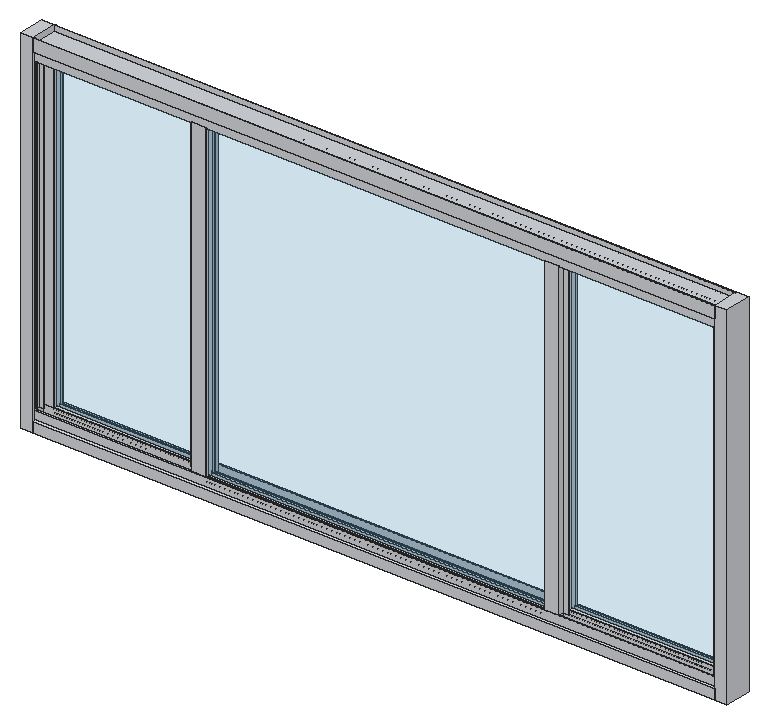
Revit family "MT-VMS_DB-SG_XOX", category Windows, host Wall, Revit 2017 (continued)
Definition of nested family "VMS_DB-SG_XOX_76mm"
  Definition of nested family "VMS_DB-SG_GLAZED PANEL"
    Definition of nested family "VMS_V3_SGL_FINE"
      Lines and regions (mm)
        model lines, in view "Ref. Level"
          curve 1: arc (27.114, -24.15, 0) -> (27.68, -23.916, 0) -> (27.914, -23.35, 0) r 0.8
          curve 2: arc (27.914, -20.411, 0) -> (27.839, -20.177, 0) -> (27.641, -20.031, 0) r 0.4
          curve 3: arc (26.677, -19.71, 0) -> (26.497, -19.738, 0) -> (26.414, -19.9, 0) r 0.2
          curve 4: arc (25.177, -19.71, 0) -> (24.997, -19.738, 0) -> (24.914, -19.9, 0) r 0.2
          curve 5: arc (23.677, -19.71, 0) -> (23.497, -19.738, 0) -> (23.414, -19.9, 0) r 0.2
          curve 6: arc (22.177, -19.71, 0) -> (21.997, -19.738, 0) -> (21.914, -19.9, 0) r 0.2
          curve 7: arc (21.914, -20.538, 0) -> (21.971, -20.713, 0) -> (22.119, -20.822, 0) r 0.3
          curve 8: arc (23.009, -21.119, 0) -> (23.157, -21.228, 0) -> (23.214, -21.404, 0) r 0.3
          curve 9: arc (23.214, -22.15, 0) -> (23.126, -22.362, 0) -> (22.914, -22.45, 0) r 0.3
          curve 10: arc (14.214, -22.45, 0) -> (14.002, -22.362, 0) -> (13.914, -22.15, 0) r 0.3
          curve 11: arc (13.914, -14.116, 0) -> (13.884, -13.963, 0) -> (13.797, -13.833, 0) r 0.4
          curve 12: arc (13.797, -13.067, 0) -> (13.884, -12.937, 0) -> (13.914, -12.784, 0) r 0.4
          curve 13: arc (13.914, -2.069, 0) -> (14.079, -1.801, 0) -> (14.392, -1.827, 0) r 0.3
          curve 14: arc (14.392, -1.827, 0) -> (20.069, -3.194, 0) -> (25.644, -1.459, 0) r 10.984
          curve 15: arc (25.644, -1.459, 0) -> (26.154, -1.441, 0) -> (26.414, -1.879, 0) r 0.5
          curve 16: arc (26.414, -5.1, 0) -> (26.326, -5.312, 0) -> (26.114, -5.4, 0) r 0.3
          curve 17: arc (22.119, -6.078, 0) -> (21.971, -6.187, 0) -> (21.914, -6.362, 0) r 0.3
          curve 18: arc (21.914, -7, 0) -> (21.997, -7.162, 0) -> (22.177, -7.19, 0) r 0.2
          curve 19: arc (23.414, -7, 0) -> (23.497, -7.162, 0) -> (23.677, -7.19, 0) r 0.2
          curve 20: arc (24.914, -7, 0) -> (24.997, -7.162, 0) -> (25.177, -7.19, 0) r 0.2
          curve 21: arc (26.414, -7, 0) -> (26.497, -7.162, 0) -> (26.677, -7.19, 0) r 0.2
          curve 22: arc (27.641, -6.869, 0) -> (27.839, -6.723, 0) -> (27.914, -6.489, 0) r 0.4
          curve 23: arc (27.914, -0.8, 0) -> (27.68, -0.234, 0) -> (27.114, 0, 0) r 0.8
          curve 24: arc (25.737, 0, 0) -> (25.642, -0.015, 0) -> (25.558, -0.06, 0) r 0.3
          curve 25: arc (25.558, -0.06, 0) -> (19.709, -2, 0) -> (13.86, -0.06, 0) r 9.784
          curve 26: arc (13.86, -0.06, 0) -> (13.776, -0.015, 0) -> (13.681, 0, 0) r 0.3
          curve 27: arc (0.5, 0, 0) -> (0.146, -0.146, 0) -> (0, -0.5, 0) r 0.5
          curve 28: arc (0, -3, 0) -> (0.088, -3.212, 0) -> (0.3, -3.3, 0) r 0.3
          curve 29: arc (0.9, -3.3, 0) -> (1.112, -3.212, 0) -> (1.2, -3, 0) r 0.3
          curve 30: arc (1.2, -1.5, 0) -> (1.288, -1.288, 0) -> (1.5, -1.2, 0) r 0.3
          curve 31: arc (4.7, -1.2, 0) -> (4.912, -1.288, 0) -> (5, -1.5, 0) r 0.3
          curve 32: arc (5, -10.176, 0) -> (4.912, -10.388, 0) -> (4.7, -10.476, 0) r 0.3
          curve 33: arc (3.6, -10.476, 0) -> (3.388, -10.388, 0) -> (3.3, -10.176, 0) r 0.3
          curve 34: arc (3.3, -9.692, 0) -> (3.212, -9.48, 0) -> (3, -9.392, 0) r 0.3
          curve 35: arc (1.5, -9.392, 0) -> (1.288, -9.304, 0) -> (1.2, -9.092, 0) r 0.3
          curve 36: arc (1.2, -7.692, 0) -> (1.112, -7.48, 0) -> (0.9, -7.392, 0) r 0.3
          curve 37: arc (0.3, -7.392, 0) -> (0.088, -7.48, 0) -> (0, -7.692, 0) r 0.3
          curve 38: arc (0, -11.552, 0) -> (0.4, -11.952, 0) -> (0.8, -11.552, 0) r 0.4
          curve 39: arc (2.1, -11.652, 0) -> (2.188, -11.864, 0) -> (2.4, -11.952, 0) r 0.3
          curve 40: arc (2.4, -14.952, 0) -> (2.188, -15.04, 0) -> (2.1, -15.252, 0) r 0.3
          curve 41: arc (0.8, -15.352, 0) -> (0.4, -14.952, 0) -> (0, -15.352, 0) r 0.4
          curve 42: arc (0, -19.208, 0) -> (0.088, -19.42, 0) -> (0.3, -19.508, 0) r 0.3
          curve 43: arc (0.9, -19.508, 0) -> (1.112, -19.42, 0) -> (1.2, -19.208, 0) r 0.3
          curve 44: arc (1.2, -17.808, 0) -> (1.288, -17.596, 0) -> (1.5, -17.508, 0) r 0.3
          curve 45: arc (3, -17.508, 0) -> (3.212, -17.42, 0) -> (3.3, -17.208, 0) r 0.3
          curve 46: arc (3.3, -16.724, 0) -> (3.388, -16.512, 0) -> (3.6, -16.424, 0) r 0.3
          curve 47: arc (4.7, -16.424, 0) -> (4.912, -16.512, 0) -> (5, -16.724, 0) r 0.3
          curve 48: arc (5, -23.3, 0) -> (4.912, -23.512, 0) -> (4.7, -23.6, 0) r 0.3
          curve 49: arc (0.3, -23.6, 0) -> (0.088, -23.688, 0) -> (0, -23.9, 0) r 0.3
          curve 50: arc (0, -26.4, 0) -> (0.146, -26.754, 0) -> (0.5, -26.9, 0) r 0.5
          curve 51: arc (2.102, -26.9, 0) -> (2.385, -26.783, 0) -> (2.502, -26.5, 0) r 0.4
          curve 52: arc (2.502, -26.5, 0) -> (2.385, -26.217, 0) -> (2.102, -26.1, 0) r 0.4
          curve 53: arc (5.902, -26.1, 0) -> (5.619, -26.217, 0) -> (5.502, -26.5, 0) r 0.4
          curve 54: arc (5.502, -26.5, 0) -> (5.619, -26.783, 0) -> (5.902, -26.9, 0) r 0.4
          curve 55: arc (21, -26.9, 0) -> (21.4, -26.52, 0) -> (21.039, -26.102, 0) r 0.4
          curve 56: arc (14.365, -25.441, 0) -> (14.043, -25.279, 0) -> (13.914, -24.944, 0) r 0.5
          curve 57: arc (13.914, -24.65, 0) -> (14.207, -23.943, 0) -> (14.914, -23.65, 0) r 1
          curve 58: arc (8.4, -25.7, 0) -> (8.259, -25.641, 0) -> (8.2, -25.5, 0) r 0.2
          curve 59: arc (8.2, -23.8, 0) -> (8.141, -23.659, 0) -> (8, -23.6, 0) r 0.2
          curve 60: arc (6.5, -23.6, 0) -> (6.288, -23.512, 0) -> (6.2, -23.3, 0) r 0.3
          curve 61: arc (6.2, -16.639, 0) -> (6.261, -16.458, 0) -> (6.419, -16.35, 0) r 0.3
          curve 62: arc (6.419, -16.35, 0) -> (6.899, -16.169, 0) -> (7.342, -15.909, 0) r 3.014
          curve 63: arc (7.342, -15.909, 0) -> (7.404, -15.838, 0) -> (7.426, -15.746, 0) r 0.2
          curve 64: arc (7.426, -14.908, 0) -> (7.145, -14.479, 0) -> (6.64, -14.566, 0) r 0.468
          curve 65: arc (6.64, -14.566, 0) -> (6.369, -14.767, 0) -> (6.06, -14.904, 0) r 1.525
          curve 66: arc (5.14, -14.904, 0) -> (4.813, -14.756, 0) -> (4.529, -14.535, 0) r 1.525
          curve 67: arc (4.124, -13.835, 0) -> (4.075, -13.45, 0) -> (4.124, -13.065, 0) r 1.525
          curve 68: arc (4.529, -12.365, 0) -> (4.813, -12.144, 0) -> (5.14, -11.996, 0) r 1.525
          curve 69: arc (6.06, -11.996, 0) -> (6.369, -12.133, 0) -> (6.64, -12.334, 0) r 1.525
          curve 70: arc (6.64, -12.334, 0) -> (7.145, -12.421, 0) -> (7.426, -11.992, 0) r 0.468
          curve 71: arc (7.426, -11.154, 0) -> (7.404, -11.062, 0) -> (7.342, -10.991, 0) r 0.2
          curve 72: arc (7.342, -10.991, 0) -> (6.899, -10.731, 0) -> (6.419, -10.55, 0) r 3.014
          curve 73: arc (6.419, -10.55, 0) -> (6.261, -10.442, 0) -> (6.2, -10.261, 0) r 0.3
          curve 74: arc (6.2, -1.5, 0) -> (6.288, -1.288, 0) -> (6.5, -1.2, 0) r 0.3
          curve 75: arc (12.312, -1.2, 0) -> (12.453, -1.259, 0) -> (12.512, -1.4, 0) r 0.2
          curve 76: arc (12.512, -25.5, 0) -> (12.453, -25.641, 0) -> (12.312, -25.7, 0) r 0.2
          curve 77: line (14.914, -23.65, 0) -> (23.214, -23.65, 0)
          curve 78: line (23.214, -23.65, 0) -> (25.029, -24.136, 0)
          curve 79: line (25.029, -24.136, 0) -> (27.114, -24.15, 0)
          curve 80: line (27.914, -23.35, 0) -> (27.914, -20.411, 0)
          curve 81: line (27.641, -20.031, 0) -> (26.677, -19.71, 0)
          curve 82: line (26.414, -19.9, 0) -> (26.414, -20.123, 0)
          curve 83: line (26.414, -20.123, 0) -> (25.177, -19.71, 0)
          curve 84: line (24.914, -19.9, 0) -> (24.914, -20.123, 0)
          curve 85: line (24.914, -20.123, 0) -> (23.677, -19.71, 0)
          curve 86: line (23.414, -19.9, 0) -> (23.414, -20.123, 0)
          curve 87: line (23.414, -20.123, 0) -> (22.177, -19.71, 0)
          curve 88: line (21.914, -19.9, 0) -> (21.914, -20.538, 0)
          curve 89: line (22.119, -20.822, 0) -> (23.009, -21.119, 0)
          curve 90: line (23.214, -21.404, 0) -> (23.214, -22.15, 0)
          curve 91: line (22.914, -22.45, 0) -> (14.214, -22.45, 0)
          curve 92: line (13.914, -22.15, 0) -> (13.914, -14.116, 0)
          curve 93: line (13.797, -13.833, 0) -> (13.414, -13.45, 0)
          curve 94: line (13.414, -13.45, 0) -> (13.797, -13.067, 0)
          curve 95: line (13.914, -12.784, 0) -> (13.914, -2.069, 0)
          curve 96: line (26.414, -1.879, 0) -> (26.414, -5.1, 0)
          curve 97: line (26.114, -5.4, 0) -> (24.2, -5.4, 0)
          curve 98: line (24.2, -5.4, 0) -> (22.119, -6.078, 0)
          curve 99: line (21.914, -6.362, 0) -> (21.914, -7, 0)
          curve 100: line (22.177, -7.19, 0) -> (23.414, -6.777, 0)
          curve 101: line (23.414, -6.777, 0) -> (23.414, -7, 0)
          curve 102: line (23.677, -7.19, 0) -> (24.914, -6.777, 0)
          curve 103: line (24.914, -6.777, 0) -> (24.914, -7, 0)
          curve 104: line (25.177, -7.19, 0) -> (26.414, -6.777, 0)
          curve 105: line (26.414, -6.777, 0) -> (26.414, -7, 0)
          curve 106: line (26.677, -7.19, 0) -> (27.641, -6.869, 0)
          curve 107: line (27.914, -6.489, 0) -> (27.914, -0.8, 0)
          curve 108: line (27.114, 0, 0) -> (25.737, 0, 0)
          curve 109: line (13.681, 0, 0) -> (0.5, 0, 0)
          curve 110: line (0, -0.5, 0) -> (0, -3, 0)
          curve 111: line (0.3, -3.3, 0) -> (0.9, -3.3, 0)
          curve 112: line (1.2, -3, 0) -> (1.2, -1.5, 0)
          curve 113: line (1.5, -1.2, 0) -> (4.7, -1.2, 0)
          curve 114: line (5, -1.5, 0) -> (5, -10.176, 0)
          curve 115: line (4.7, -10.476, 0) -> (3.6, -10.476, 0)
          curve 116: line (3.3, -10.176, 0) -> (3.3, -9.692, 0)
          curve 117: line (3, -9.392, 0) -> (1.5, -9.392, 0)
          curve 118: line (1.2, -9.092, 0) -> (1.2, -7.692, 0)
          curve 119: line (0.9, -7.392, 0) -> (0.3, -7.392, 0)
          curve 120: line (0, -7.692, 0) -> (0, -11.552, 0)
          curve 121: line (0.8, -11.552, 0) -> (0.8, -10.452, 0)
          curve 122: line (0.8, -10.452, 0) -> (2.1, -10.452, 0)
          curve 123: line (2.1, -10.452, 0) -> (2.1, -11.652, 0)
          curve 124: line (2.4, -11.952, 0) -> (2.776, -11.952, 0)
          curve 125: line (2.776, -11.952, 0) -> (2.776, -14.952, 0)
          curve 126: line (2.776, -14.952, 0) -> (2.4, -14.952, 0)
          curve 127: line (2.1, -15.252, 0) -> (2.1, -16.452, 0)
          curve 128: line (2.1, -16.452, 0) -> (0.8, -16.452, 0)
          curve 129: line (0.8, -16.452, 0) -> (0.8, -15.352, 0)
          curve 130: line (0, -15.352, 0) -> (0, -19.208, 0)
          curve 131: line (0.3, -19.508, 0) -> (0.9, -19.508, 0)
          curve 132: line (1.2, -19.208, 0) -> (1.2, -17.808, 0)
          curve 133: line (1.5, -17.508, 0) -> (3, -17.508, 0)
          curve 134: line (3.3, -17.208, 0) -> (3.3, -16.724, 0)
          curve 135: line (3.6, -16.424, 0) -> (4.7, -16.424, 0)
          curve 136: line (5, -16.724, 0) -> (5, -23.3, 0)
          curve 137: line (4.7, -23.6, 0) -> (0.3, -23.6, 0)
          curve 138: line (0, -23.9, 0) -> (0, -26.4, 0)
          curve 139: line (0.5, -26.9, 0) -> (2.102, -26.9, 0)
          curve 140: line (2.102, -26.1, 0) -> (1.002, -26.1, 0)
          curve 141: line (1.002, -26.1, 0) -> (1.002, -24.8, 0)
          curve 142: line (1.002, -24.8, 0) -> (7.002, -24.8, 0)
          curve 143: line (7.002, -24.8, 0) -> (7.002, -26.1, 0)
          curve 144: line (7.002, -26.1, 0) -> (5.902, -26.1, 0)
          curve 145: line (5.902, -26.9, 0) -> (21, -26.9, 0)
          curve 146: line (21.039, -26.102, 0) -> (14.365, -25.441, 0)
          curve 147: line (13.914, -24.944, 0) -> (13.914, -24.65, 0)
          curve 148: line (8.2, -25.5, 0) -> (8.2, -23.8, 0)
          curve 149: line (8, -23.6, 0) -> (6.5, -23.6, 0)
          curve 150: line (6.2, -23.3, 0) -> (6.2, -16.639, 0)
          curve 151: line (7.426, -15.746, 0) -> (7.426, -14.908, 0)
          curve 152: line (6.06, -14.904, 0) -> (5.6, -15.324, 0)
          curve 153: line (5.6, -15.324, 0) -> (5.14, -14.904, 0)
          curve 154: line (4.529, -14.535, 0) -> (3.976, -14.387, 0)
          curve 155: line (3.976, -14.387, 0) -> (4.124, -13.835, 0)
          curve 156: line (4.124, -13.065, 0) -> (3.976, -12.513, 0)
          curve 157: line (3.976, -12.513, 0) -> (4.529, -12.365, 0)
          curve 158: line (5.14, -11.996, 0) -> (5.6, -11.576, 0)
          curve 159: line (5.6, -11.576, 0) -> (6.06, -11.996, 0)
          curve 160: line (7.426, -11.992, 0) -> (7.426, -11.154, 0)
          curve 161: line (6.2, -10.261, 0) -> (6.2, -1.5, 0)
          curve 162: line (6.5, -1.2, 0) -> (12.312, -1.2, 0)
          curve 163: line (12.512, -1.4, 0) -> (12.512, -25.5, 0)
          curve 164: line (12.312, -25.7, 0) -> (8.4, -25.7, 0)
    Definition of nested family "VMS_V3_SGL_MEDIUM"
      Reference planes
        plane 1 "Center (Front/Back)": y = 0
        plane 2: z = 0
        plane 3 "Center (Left/Right)": x = 0
      Lines and regions (mm)
        model lines, in view "Ref. Level"
          curve 1: line (13.914, -23.65, 0) -> (27.914, -23.65, 0)
          curve 2: line (27.914, -23.65, 0) -> (27.914, -22.45, 0)
          curve 3: line (27.914, -22.45, 0) -> (13.914, -22.45, 0)
          curve 4: line (13.914, -22.45, 0) -> (13.914, -1.2, 0)
          curve 5: line (26.414, -1.2, 0) -> (26.414, -5.1, 0)
          curve 6: line (27.914, -6.489, 0) -> (27.914, 0, 0)
          curve 7: line (27.914, 0, 0) -> (0, 0, 0)
          curve 8: line (1.002, -1.2, 0) -> (4.73, -1.2, 0)
          curve 9: line (0, 0, 0) -> (0, -26.9, 0)
          curve 10: line (1.002, -25.7, 0) -> (1.002, -1.2, 0)
          curve 11: line (0, -26.9, 0) -> (21.039, -26.9, 0)
          curve 12: line (21.039, -26.102, 0) -> (13.914, -25.397, 0)
          curve 13: line (13.914, -25.397, 0) -> (13.914, -23.65, 0)
          curve 14: line (13.914, -1.2, 0) -> (26.414, -1.2, 0)
          curve 15: line (12.512, -1.2, 0) -> (12.512, -25.7, 0)
          curve 16: line (12.512, -25.7, 0) -> (6.132, -25.7, 0)
          curve 23: line (6.132, -1.2, 0) -> (12.512, -1.2, 0)
          curve 24: line (4.73, -25.7, 0) -> (1.002, -25.7, 0)
        detail lines, in view "Ref. Level"
          curve 17: line (21.039, -26.102, 0) -> (21.039, -26.9, 0)
          curve 18: line (27.914, -6.489, 0) -> (21.583, -6.489, 0)
          curve 19: line (26.414, -5.1, 0) -> (21.583, -5.1, 0)
          curve 20: line (21.583, -6.489, 0) -> (21.583, -5.1, 0)
          curve 21: line (6.132, -25.7, 0) -> (6.132, -1.2, 0)
          curve 22: line (4.73, -1.2, 0) -> (4.73, -25.7, 0)
    Definition of nested family "VMS_VM64_SILL DETAIL_FINE"
      Reference planes
        plane 1 "Center (Front/Back)": y = 0
        plane 2: z = 0
        plane 3 "Center (Left/Right)": x = 0
      Lines and regions (mm)
        model lines, in view "Ref. Level"
          curve 1: arc (4.124, -13.835, 0) -> (4.075, -13.45, 0) -> (4.124, -13.065, 0) r 1.525
          curve 2: arc (4.529, -12.365, 0) -> (4.813, -12.144, 0) -> (5.14, -11.996, 0) r 1.525
          curve 3: arc (6.06, -11.996, 0) -> (6.369, -12.133, 0) -> (6.64, -12.334, 0) r 1.525
          curve 4: arc (6.64, -12.334, 0) -> (7.145, -12.421, 0) -> (7.426, -11.992, 0) r 0.468
          curve 5: arc (7.426, -11.154, 0) -> (7.404, -11.062, 0) -> (7.342, -10.991, 0) r 0.2
          curve 6: arc (7.342, -10.991, 0) -> (6.899, -10.731, 0) -> (6.419, -10.55, 0) r 3.014
          curve 7: arc (6.419, -10.55, 0) -> (6.261, -10.442, 0) -> (6.2, -10.261, 0) r 0.3
          curve 8: arc (6.2, -1.5, 0) -> (6.288, -1.288, 0) -> (6.5, -1.2, 0) r 0.3
          curve 9: arc (12.312, -1.2, 0) -> (12.453, -1.259, 0) -> (12.512, -1.4, 0) r 0.2
          curve 10: arc (12.512, -25.5, 0) -> (12.453, -25.641, 0) -> (12.312, -25.7, 0) r 0.2
          curve 11: arc (8.4, -25.7, 0) -> (8.259, -25.641, 0) -> (8.2, -25.5, 0) r 0.2
          curve 12: arc (8.2, -23.8, 0) -> (8.141, -23.659, 0) -> (8, -23.6, 0) r 0.2
          curve 13: arc (6.5, -23.6, 0) -> (6.288, -23.512, 0) -> (6.2, -23.3, 0) r 0.3
          curve 14: arc (6.2, -16.639, 0) -> (6.261, -16.458, 0) -> (6.419, -16.35, 0) r 0.3
          curve 15: arc (6.419, -16.35, 0) -> (6.899, -16.169, 0) -> (7.342, -15.909, 0) r 3.014
          curve 16: arc (7.342, -15.909, 0) -> (7.404, -15.838, 0) -> (7.426, -15.746, 0) r 0.2
          curve 17: arc (7.426, -14.908, 0) -> (7.145, -14.479, 0) -> (6.64, -14.566, 0) r 0.468
          curve 18: arc (6.64, -14.566, 0) -> (6.369, -14.767, 0) -> (6.06, -14.904, 0) r 1.525
          curve 19: arc (5.14, -14.904, 0) -> (4.813, -14.756, 0) -> (4.529, -14.535, 0) r 1.525
          curve 20: arc (2.1, -11.652, 0) -> (2.188, -11.864, 0) -> (2.4, -11.952, 0) r 0.3
          curve 21: arc (2.4, -14.952, 0) -> (2.188, -15.04, 0) -> (2.1, -15.252, 0) r 0.3
          curve 22: arc (0.8, -15.352, 0) -> (0.4, -14.952, 0) -> (0, -15.352, 0) r 0.4
          curve 23: arc (0, -19.208, 0) -> (0.088, -19.42, 0) -> (0.3, -19.508, 0) r 0.3
          curve 24: arc (0.9, -19.508, 0) -> (1.112, -19.42, 0) -> (1.2, -19.208, 0) r 0.3
          curve 25: arc (1.2, -17.808, 0) -> (1.288, -17.596, 0) -> (1.5, -17.508, 0) r 0.3
          curve 26: arc (3, -17.508, 0) -> (3.212, -17.42, 0) -> (3.3, -17.208, 0) r 0.3
          curve 27: arc (3.3, -16.724, 0) -> (3.388, -16.512, 0) -> (3.6, -16.424, 0) r 0.3
          curve 28: arc (4.7, -16.424, 0) -> (4.912, -16.512, 0) -> (5, -16.724, 0) r 0.3
          curve 29: arc (5, -23.3, 0) -> (4.912, -23.512, 0) -> (4.7, -23.6, 0) r 0.3
          curve 30: arc (0.3, -23.6, 0) -> (0.088, -23.688, 0) -> (0, -23.9, 0) r 0.3
          curve 31: arc (0, -26.4, 0) -> (0.146, -26.753, 0) -> (0.5, -26.9, 0) r 0.5
          curve 32: arc (2.102, -26.9, 0) -> (2.502, -26.5, 0) -> (2.102, -26.1, 0) r 0.4
          curve 33: arc (5.902, -26.1, 0) -> (5.502, -26.5, 0) -> (5.902, -26.9, 0) r 0.4
          curve 34: arc (19.253, -26.9, 0) -> (19.6, -26.57, 0) -> (19.287, -26.207, 0) r 0.347
          curve 35: arc (16.352, -25.917, 0) -> (16.099, -25.719, 0) -> (16.17, -25.406, 0) r 0.3
          curve 36: arc (16.838, -24.738, 0) -> (16.935, -24.673, 0) -> (17.05, -24.65, 0) r 0.3
          curve 37: arc (27.288, -24.95, 0) -> (27.906, -24.424, 0) -> (27.486, -23.73, 0) r 0.626
          curve 38: arc (26.677, -23.46, 0) -> (26.497, -23.488, 0) -> (26.414, -23.65, 0) r 0.2
          curve 39: arc (25.177, -23.46, 0) -> (24.997, -23.488, 0) -> (24.914, -23.65, 0) r 0.2
          curve 40: arc (23.677, -23.46, 0) -> (23.497, -23.488, 0) -> (23.414, -23.65, 0) r 0.2
          curve 41: arc (16.553, -23.45, 0) -> (16.438, -23.473, 0) -> (16.341, -23.538, 0) r 0.3
          curve 42: arc (14.426, -25.452, 0) -> (14.099, -25.517, 0) -> (13.914, -25.24, 0) r 0.3
          curve 43: arc (13.914, -14.116, 0) -> (13.884, -13.963, 0) -> (13.797, -13.833, 0) r 0.4
          curve 44: arc (13.797, -13.067, 0) -> (13.884, -12.937, 0) -> (13.914, -12.784, 0) r 0.4
          curve 45: arc (13.914, -2.069, 0) -> (14.079, -1.801, 0) -> (14.392, -1.827, 0) r 0.3
          curve 46: arc (14.392, -1.827, 0) -> (18.05, -3.074, 0) -> (21.914, -2.976, 0) r 10.984
          curve 47: arc (21.914, -3.233, 0) -> (22.026, -3.412, 0) -> (22.236, -3.391, 0) r 0.2
          curve 48: arc (23.092, -2.731, 0) -> (23.302, -2.71, 0) -> (23.414, -2.889, 0) r 0.2
          curve 49: arc (23.414, -3.233, 0) -> (23.526, -3.412, 0) -> (23.736, -3.391, 0) r 0.2
          curve 50: arc (24.592, -2.731, 0) -> (24.802, -2.71, 0) -> (24.914, -2.889, 0) r 0.2
          curve 51: arc (24.914, -3.233, 0) -> (25.026, -3.412, 0) -> (25.236, -3.391, 0) r 0.2
          curve 52: arc (26.092, -2.731, 0) -> (26.302, -2.71, 0) -> (26.414, -2.889, 0) r 0.2
          curve 53: arc (26.414, -3.233, 0) -> (26.496, -3.394, 0) -> (26.674, -3.423, 0) r 0.2
          curve 54: arc (27.634, -3.121, 0) -> (27.837, -2.976, 0) -> (27.914, -2.739, 0) r 0.4
          curve 55: arc (27.914, -0.8, 0) -> (27.68, -0.234, 0) -> (27.114, 0, 0) r 0.8
          curve 56: arc (25.737, 0, 0) -> (25.642, -0.015, 0) -> (25.558, -0.06, 0) r 0.3
          curve 57: arc (25.558, -0.06, 0) -> (19.709, -2, 0) -> (13.86, -0.06, 0) r 9.784
          curve 58: arc (13.86, -0.06, 0) -> (13.776, -0.015, 0) -> (13.681, 0, 0) r 0.3
          curve 59: arc (0.5, 0, 0) -> (0.146, -0.146, 0) -> (0, -0.5, 0) r 0.5
          curve 60: arc (0, -3, 0) -> (0.088, -3.212, 0) -> (0.3, -3.3, 0) r 0.3
          curve 61: arc (0.9, -3.3, 0) -> (1.112, -3.212, 0) -> (1.2, -3, 0) r 0.3
          curve 62: arc (1.2, -1.5, 0) -> (1.288, -1.288, 0) -> (1.5, -1.2, 0) r 0.3
          curve 63: arc (4.7, -1.2, 0) -> (4.912, -1.288, 0) -> (5, -1.5, 0) r 0.3
          curve 64: arc (5, -10.176, 0) -> (4.912, -10.388, 0) -> (4.7, -10.476, 0) r 0.3
          curve 65: arc (3.6, -10.476, 0) -> (3.388, -10.388, 0) -> (3.3, -10.176, 0) r 0.3
          curve 66: arc (3.3, -9.692, 0) -> (3.212, -9.48, 0) -> (3, -9.392, 0) r 0.3
          curve 67: arc (1.5, -9.392, 0) -> (1.288, -9.304, 0) -> (1.2, -9.092, 0) r 0.3
          curve 68: arc (1.2, -7.692, 0) -> (1.112, -7.48, 0) -> (0.9, -7.392, 0) r 0.3
          curve 69: arc (0.3, -7.392, 0) -> (0.088, -7.48, 0) -> (0, -7.692, 0) r 0.3
          curve 70: arc (0, -11.552, 0) -> (0.4, -11.952, 0) -> (0.8, -11.552, 0) r 0.4
          curve 71: line (4.529, -14.535, 0) -> (3.976, -14.387, 0)
          curve 72: line (3.976, -14.387, 0) -> (4.124, -13.835, 0)
          curve 73: line (4.124, -13.065, 0) -> (3.976, -12.513, 0)
          curve 74: line (3.976, -12.513, 0) -> (4.529, -12.365, 0)
          curve 75: line (5.14, -11.996, 0) -> (5.6, -11.576, 0)
          curve 76: line (5.6, -11.576, 0) -> (6.06, -11.996, 0)
          curve 77: line (7.426, -11.992, 0) -> (7.426, -11.154, 0)
          curve 78: line (6.2, -10.261, 0) -> (6.2, -1.5, 0)
          curve 79: line (6.5, -1.2, 0) -> (12.312, -1.2, 0)
          curve 80: line (12.512, -1.4, 0) -> (12.512, -25.5, 0)
          curve 81: line (12.312, -25.7, 0) -> (8.4, -25.7, 0)
          curve 82: line (8.2, -25.5, 0) -> (8.2, -23.8, 0)
          curve 83: line (8, -23.6, 0) -> (6.5, -23.6, 0)
          curve 84: line (6.2, -23.3, 0) -> (6.2, -16.639, 0)
          curve 85: line (7.426, -15.746, 0) -> (7.426, -14.908, 0)
          curve 86: line (6.06, -14.904, 0) -> (5.6, -15.324, 0)
          curve 87: line (5.6, -15.324, 0) -> (5.14, -14.904, 0)
          curve 88: line (2.4, -11.952, 0) -> (2.776, -11.952, 0)
          curve 89: line (2.776, -11.952, 0) -> (2.776, -14.952, 0)
          curve 90: line (2.776, -14.952, 0) -> (2.4, -14.952, 0)
          curve 91: line (2.1, -15.252, 0) -> (2.1, -16.452, 0)
          curve 92: line (2.1, -16.452, 0) -> (0.8, -16.452, 0)
          curve 93: line (0.8, -16.452, 0) -> (0.8, -15.352, 0)
          curve 94: line (0, -15.352, 0) -> (0, -19.208, 0)
          curve 95: line (0.3, -19.508, 0) -> (0.9, -19.508, 0)
          curve 96: line (1.2, -19.208, 0) -> (1.2, -17.808, 0)
          curve 97: line (1.5, -17.508, 0) -> (3, -17.508, 0)
          curve 98: line (3.3, -17.208, 0) -> (3.3, -16.724, 0)
          curve 99: line (3.6, -16.424, 0) -> (4.7, -16.424, 0)
          curve 100: line (5, -16.724, 0) -> (5, -23.3, 0)
          curve 101: line (4.7, -23.6, 0) -> (0.3, -23.6, 0)
          curve 102: line (0, -23.9, 0) -> (0, -26.4, 0)
          curve 103: line (0.5, -26.9, 0) -> (2.102, -26.9, 0)
          curve 104: line (2.102, -26.1, 0) -> (1.202, -26.1, 0)
          curve 105: line (1.202, -26.1, 0) -> (1.202, -24.8, 0)
          curve 106: line (1.202, -24.8, 0) -> (6.802, -24.8, 0)
          curve 107: line (6.802, -24.8, 0) -> (6.802, -26.1, 0)
          curve 108: line (6.802, -26.1, 0) -> (5.902, -26.1, 0)
          curve 109: line (5.902, -26.9, 0) -> (19.253, -26.9, 0)
          curve 110: line (19.287, -26.207, 0) -> (16.352, -25.917, 0)
          curve 111: line (16.17, -25.406, 0) -> (16.838, -24.738, 0)
          curve 112: line (17.05, -24.65, 0) -> (22.146, -24.65, 0)
          curve 113: line (22.146, -24.65, 0) -> (23.924, -24.95, 0)
          curve 114: line (23.924, -24.95, 0) -> (27.288, -24.95, 0)
          curve 115: line (27.486, -23.73, 0) -> (26.677, -23.46, 0)
          curve 116: line (26.414, -23.65, 0) -> (26.414, -23.872, 0)
          curve 117: line (26.414, -23.872, 0) -> (25.177, -23.46, 0)
          curve 118: line (24.914, -23.65, 0) -> (24.914, -23.872, 0)
          curve 119: line (24.914, -23.872, 0) -> (23.677, -23.46, 0)
          curve 120: line (23.414, -23.761, 0) -> (22.146, -23.45, 0)
          curve 121: line (22.146, -23.45, 0) -> (16.553, -23.45, 0)
          curve 122: line (16.341, -23.538, 0) -> (14.426, -25.452, 0)
          curve 123: line (13.914, -25.24, 0) -> (13.914, -14.116, 0)
          curve 124: line (13.797, -13.833, 0) -> (13.414, -13.45, 0)
          curve 125: line (13.414, -13.45, 0) -> (13.797, -13.067, 0)
          curve 126: line (13.914, -12.784, 0) -> (13.914, -2.069, 0)
          curve 127: line (21.914, -2.976, 0) -> (21.914, -3.233, 0)
          curve 128: line (22.236, -3.391, 0) -> (23.092, -2.731, 0)
          curve 129: line (23.414, -2.889, 0) -> (23.414, -3.233, 0)
          curve 130: line (23.736, -3.391, 0) -> (24.592, -2.731, 0)
          curve 131: line (24.914, -2.889, 0) -> (24.914, -3.233, 0)
          curve 132: line (25.236, -3.391, 0) -> (26.092, -2.731, 0)
          curve 133: line (26.414, -2.889, 0) -> (26.414, -3.233, 0)
          curve 134: line (26.674, -3.423, 0) -> (27.634, -3.121, 0)
          curve 135: line (27.914, -2.739, 0) -> (27.914, -0.8, 0)
          curve 136: line (27.114, 0, 0) -> (25.737, 0, 0)
          curve 137: line (13.681, 0, 0) -> (0.5, 0, 0)
          curve 138: line (0, -0.5, 0) -> (0, -3, 0)
          curve 139: line (0.3, -3.3, 0) -> (0.9, -3.3, 0)
          curve 140: line (1.2, -3, 0) -> (1.2, -1.5, 0)
          curve 141: line (1.5, -1.2, 0) -> (4.7, -1.2, 0)
          curve 142: line (5, -1.5, 0) -> (5, -10.176, 0)
          curve 143: line (4.7, -10.476, 0) -> (3.6, -10.476, 0)
          curve 144: line (3.3, -10.176, 0) -> (3.3, -9.692, 0)
          curve 145: line (3, -9.392, 0) -> (1.5, -9.392, 0)
          curve 146: line (1.2, -9.092, 0) -> (1.2, -7.692, 0)
          curve 147: line (0.9, -7.392, 0) -> (0.3, -7.392, 0)
          curve 148: line (0, -7.692, 0) -> (0, -11.552, 0)
          curve 149: line (0.8, -11.552, 0) -> (0.8, -10.452, 0)
          curve 150: line (0.8, -10.452, 0) -> (2.1, -10.452, 0)
          curve 151: line (2.1, -10.452, 0) -> (2.1, -11.652, 0)
    Definition of nested family "VMS_VM64_SILL DETAIL_MEDIUM"
      Reference planes
        plane 1 "Center (Front/Back)": y = 0
        plane 2: z = 0
        plane 3 "Center (Left/Right)": x = 0
      Lines and regions (mm)
        model lines, in view "Ref. Level"
          curve 1: line (1.202, -1.2, 0) -> (5, -1.2, 0)
          curve 2: line (12.512, -1.2, 0) -> (12.512, -25.7, 0)
          curve 3: line (12.512, -25.7, 0) -> (6.2, -25.7, 0)
          curve 4: line (6.2, -25.7, 0) -> (6.2, -1.2, 0)
          curve 5: line (5, -1.2, 0) -> (5, -25.7, 0)
          curve 6: line (0, 0, 0) -> (0, -26.9, 0)
          curve 7: line (1.202, -25.7, 0) -> (1.202, -1.2, 0)
          curve 8: line (0, -26.9, 0) -> (19.287, -26.9, 0)
          curve 9: line (19.287, -26.207, 0) -> (15.721, -25.854, 0)
          curve 10: line (15.721, -25.854, 0) -> (16.926, -24.65, 0)
          curve 11: line (16.926, -24.65, 0) -> (27.914, -24.65, 0)
          curve 12: line (27.914, -23.45, 0) -> (16.429, -23.45, 0)
          curve 13: line (16.429, -23.45, 0) -> (13.914, -25.965, 0)
          curve 14: line (13.914, -25.965, 0) -> (13.914, -1.2, 0)
          curve 15: line (27.914, -24.65, 0) -> (27.914, -23.45, 0)
          curve 16: line (27.914, 0, 0) -> (0, 0, 0)
          curve 18: line (6.2, -1.2, 0) -> (12.512, -1.2, 0)
          curve 19: line (5, -25.7, 0) -> (1.202, -25.7, 0)
          curve 20: line (27.914, -1.2, 0) -> (27.914, 0, 0)
          curve 21: line (13.914, -1.2, 0) -> (27.914, -1.2, 0)
        detail lines, in view "Ref. Level"
          curve 17: line (19.287, -26.207, 0) -> (19.287, -26.9, 0)
    Definition of nested family "VMS_VM5_SILL DETAIL_FINE"
      Reference planes
        plane 1 "Center (Front/Back)": y = 0
        plane 2: z = 0
        plane 3 "Center (Left/Right)": x = 0
      Lines and regions (mm)
        model lines, in view "Ref. Level"
          curve 1: arc (26.9, 5.9, 0) -> (26.783, 5.617, 0) -> (26.5, 5.5, 0) r 0.4
          curve 2: arc (26.5, 5.5, 0) -> (26.217, 5.617, 0) -> (26.1, 5.9, 0) r 0.4
          curve 3: arc (26.1, 2.1, 0) -> (26.217, 2.383, 0) -> (26.5, 2.5, 0) r 0.4
          curve 4: arc (26.5, 2.5, 0) -> (26.783, 2.383, 0) -> (26.9, 2.1, 0) r 0.4
          curve 5: arc (26.9, 0.5, 0) -> (26.754, 0.146, 0) -> (26.4, 0, 0) r 0.5
          curve 6: arc (23.9, 0, 0) -> (23.688, 0.088, 0) -> (23.6, 0.3, 0) r 0.3
          curve 7: arc (23.6, 4.7, 0) -> (23.512, 4.912, 0) -> (23.3, 5, 0) r 0.3
          curve 8: arc (16.724, 5, 0) -> (16.512, 4.912, 0) -> (16.424, 4.7, 0) r 0.3
          curve 9: arc (16.424, 3.6, 0) -> (16.512, 3.388, 0) -> (16.724, 3.3, 0) r 0.3
          curve 10: arc (17.208, 3.3, 0) -> (17.42, 3.212, 0) -> (17.508, 3, 0) r 0.3
          curve 11: arc (17.508, 1.5, 0) -> (17.596, 1.288, 0) -> (17.808, 1.2, 0) r 0.3
          curve 12: arc (19.208, 1.2, 0) -> (19.42, 1.112, 0) -> (19.508, 0.9, 0) r 0.3
          curve 13: arc (19.508, 0.3, 0) -> (19.42, 0.088, 0) -> (19.208, 0, 0) r 0.3
          curve 14: arc (15.348, 0, 0) -> (14.948, 0.4, 0) -> (15.348, 0.8, 0) r 0.4
          curve 15: arc (15.248, 2.1, 0) -> (15.036, 2.188, 0) -> (14.948, 2.4, 0) r 0.3
          curve 16: arc (11.948, 2.4, 0) -> (11.86, 2.188, 0) -> (11.648, 2.1, 0) r 0.3
          curve 17: arc (11.548, 0.8, 0) -> (11.948, 0.4, 0) -> (11.548, 0, 0) r 0.4
          curve 18: arc (7.692, 0, 0) -> (7.48, 0.088, 0) -> (7.392, 0.3, 0) r 0.3
          curve 19: arc (7.392, 0.9, 0) -> (7.48, 1.112, 0) -> (7.692, 1.2, 0) r 0.3
          curve 20: arc (9.092, 1.2, 0) -> (9.304, 1.288, 0) -> (9.392, 1.5, 0) r 0.3
          curve 21: arc (9.392, 3, 0) -> (9.48, 3.212, 0) -> (9.692, 3.3, 0) r 0.3
          curve 22: arc (10.176, 3.3, 0) -> (10.388, 3.388, 0) -> (10.476, 3.6, 0) r 0.3
          curve 23: arc (10.476, 4.7, 0) -> (10.388, 4.912, 0) -> (10.176, 5, 0) r 0.3
          curve 24: arc (3.6, 5, 0) -> (3.388, 4.912, 0) -> (3.3, 4.7, 0) r 0.3
          curve 25: arc (3.3, 0.3, 0) -> (3.212, 0.088, 0) -> (3, 0, 0) r 0.3
          curve 26: arc (0.5, 0, 0) -> (0.146, 0.146, 0) -> (0, 0.5, 0) r 0.5
          curve 27: arc (0, 2.1, 0) -> (0.117, 2.383, 0) -> (0.4, 2.5, 0) r 0.4
          curve 28: arc (0.4, 2.5, 0) -> (0.683, 2.383, 0) -> (0.8, 2.1, 0) r 0.4
          curve 29: arc (0.8, 5.9, 0) -> (0.683, 5.617, 0) -> (0.4, 5.5, 0) r 0.4
          curve 30: arc (0.4, 5.5, 0) -> (0.117, 5.617, 0) -> (0, 5.9, 0) r 0.4
          curve 31: arc (0, 13.679, 0) -> (0.015, 13.774, 0) -> (0.06, 13.858, 0) r 0.3
          curve 32: arc (0.06, 13.858, 0) -> (2, 19.707, 0) -> (0.06, 25.556, 0) r 9.784
          curve 33: arc (0.06, 25.556, 0) -> (0.015, 25.64, 0) -> (0, 25.735, 0) r 0.3
          curve 34: arc (0, 27.112, 0) -> (0.234, 27.678, 0) -> (0.8, 27.912, 0) r 0.8
          curve 35: arc (6.489, 27.912, 0) -> (6.723, 27.837, 0) -> (6.869, 27.639, 0) r 0.4
          curve 36: arc (7.19, 26.675, 0) -> (7.162, 26.495, 0) -> (7, 26.412, 0) r 0.2
          curve 37: arc (7.19, 25.175, 0) -> (7.162, 24.995, 0) -> (7, 24.912, 0) r 0.2
          curve 38: arc (7.19, 23.675, 0) -> (7.162, 23.495, 0) -> (7, 23.412, 0) r 0.2
          curve 39: arc (7.19, 22.175, 0) -> (7.162, 21.995, 0) -> (7, 21.912, 0) r 0.2
          curve 40: arc (6.362, 21.912, 0) -> (6.187, 21.969, 0) -> (6.078, 22.117, 0) r 0.3
          curve 41: arc (5.4, 26.112, 0) -> (5.312, 26.324, 0) -> (5.1, 26.412, 0) r 0.3
          curve 42: arc (1.879, 26.412, 0) -> (1.441, 26.152, 0) -> (1.459, 25.642, 0) r 0.5
          curve 43: arc (1.459, 25.642, 0) -> (3.194, 20.067, 0) -> (1.827, 14.39, 0) r 10.984
          curve 44: arc (1.827, 14.39, 0) -> (1.801, 14.077, 0) -> (2.069, 13.912, 0) r 0.3
          curve 45: arc (12.784, 13.912, 0) -> (12.937, 13.882, 0) -> (13.067, 13.795, 0) r 0.4
          curve 46: arc (13.833, 13.795, 0) -> (13.963, 13.882, 0) -> (14.116, 13.912, 0) r 0.4
          curve 47: arc (24.831, 13.912, 0) -> (25.099, 14.077, 0) -> (25.073, 14.39, 0) r 0.3
          curve 48: arc (25.073, 14.39, 0) -> (23.706, 20.067, 0) -> (25.441, 25.642, 0) r 10.984
          curve 49: arc (25.441, 25.642, 0) -> (25.459, 26.152, 0) -> (25.021, 26.412, 0) r 0.5
          curve 50: arc (21.8, 26.412, 0) -> (21.588, 26.324, 0) -> (21.5, 26.112, 0) r 0.3
          curve 51: arc (20.822, 22.117, 0) -> (20.713, 21.969, 0) -> (20.538, 21.912, 0) r 0.3
          curve 52: arc (19.9, 21.912, 0) -> (19.738, 21.995, 0) -> (19.71, 22.175, 0) r 0.2
          curve 53: arc (19.9, 23.412, 0) -> (19.738, 23.495, 0) -> (19.71, 23.675, 0) r 0.2
          curve 54: arc (19.9, 24.912, 0) -> (19.738, 24.995, 0) -> (19.71, 25.175, 0) r 0.2
          curve 55: arc (19.9, 26.412, 0) -> (19.738, 26.495, 0) -> (19.71, 26.675, 0) r 0.2
          curve 56: arc (20.031, 27.639, 0) -> (20.177, 27.837, 0) -> (20.411, 27.912, 0) r 0.4
          curve 57: arc (26.1, 27.912, 0) -> (26.666, 27.678, 0) -> (26.9, 27.112, 0) r 0.8
          curve 58: arc (26.9, 25.735, 0) -> (26.885, 25.64, 0) -> (26.84, 25.556, 0) r 0.3
          curve 59: arc (26.84, 25.556, 0) -> (24.9, 19.707, 0) -> (26.84, 13.858, 0) r 9.784
          curve 60: arc (26.84, 13.858, 0) -> (26.885, 13.774, 0) -> (26.9, 13.679, 0) r 0.3
          curve 61: arc (10.55, 6.419, 0) -> (10.731, 6.899, 0) -> (10.991, 7.342, 0) r 3.014
          curve 62: arc (10.991, 7.342, 0) -> (11.062, 7.404, 0) -> (11.154, 7.426, 0) r 0.2
          curve 63: arc (11.992, 7.426, 0) -> (12.421, 7.145, 0) -> (12.334, 6.64, 0) r 0.468
          curve 64: arc (12.334, 6.64, 0) -> (12.133, 6.369, 0) -> (11.996, 6.06, 0) r 1.525
          curve 65: arc (11.996, 5.14, 0) -> (12.144, 4.813, 0) -> (12.365, 4.529, 0) r 1.525
          curve 66: arc (13.065, 4.124, 0) -> (13.45, 4.075, 0) -> (13.835, 4.124, 0) r 1.525
          curve 67: arc (14.535, 4.529, 0) -> (14.756, 4.813, 0) -> (14.904, 5.14, 0) r 1.525
          curve 68: arc (14.904, 6.06, 0) -> (14.767, 6.369, 0) -> (14.566, 6.64, 0) r 1.525
          curve 69: arc (14.566, 6.64, 0) -> (14.479, 7.145, 0) -> (14.908, 7.426, 0) r 0.468
          curve 70: arc (15.746, 7.426, 0) -> (15.838, 7.404, 0) -> (15.909, 7.342, 0) r 0.2
          curve 71: arc (15.909, 7.342, 0) -> (16.169, 6.899, 0) -> (16.35, 6.419, 0) r 3.014
          curve 72: arc (16.35, 6.419, 0) -> (16.458, 6.261, 0) -> (16.639, 6.2, 0) r 0.3
          curve 73: arc (23.3, 6.2, 0) -> (23.512, 6.288, 0) -> (23.6, 6.5, 0) r 0.3
          curve 74: arc (23.6, 8, 0) -> (23.659, 8.141, 0) -> (23.8, 8.2, 0) r 0.2
          curve 75: arc (25.5, 8.2, 0) -> (25.641, 8.259, 0) -> (25.7, 8.4, 0) r 0.2
          curve 76: arc (25.7, 12.312, 0) -> (25.641, 12.453, 0) -> (25.5, 12.512, 0) r 0.2
          curve 77: arc (1.4, 12.512, 0) -> (1.259, 12.453, 0) -> (1.2, 12.312, 0) r 0.2
          curve 78: arc (1.2, 8.4, 0) -> (1.259, 8.259, 0) -> (1.4, 8.2, 0) r 0.2
          curve 79: arc (3.1, 8.2, 0) -> (3.241, 8.141, 0) -> (3.3, 8, 0) r 0.2
          curve 80: arc (3.3, 6.5, 0) -> (3.388, 6.288, 0) -> (3.6, 6.2, 0) r 0.3
          curve 81: line (26.1, 5.9, 0) -> (26.1, 7, 0)
          curve 82: line (26.1, 7, 0) -> (24.8, 7, 0)
          curve 83: line (24.8, 7, 0) -> (24.8, 1, 0)
          curve 84: line (24.8, 1, 0) -> (26.1, 1, 0)
          curve 85: line (26.1, 1, 0) -> (26.1, 2.1, 0)
          curve 86: line (26.9, 2.1, 0) -> (26.9, 0.5, 0)
          curve 87: line (26.4, 0, 0) -> (23.9, 0, 0)
          curve 88: line (23.6, 0.3, 0) -> (23.6, 4.7, 0)
          curve 89: line (23.3, 5, 0) -> (16.724, 5, 0)
          curve 90: line (16.424, 4.7, 0) -> (16.424, 3.6, 0)
          curve 91: line (16.724, 3.3, 0) -> (17.208, 3.3, 0)
          curve 92: line (17.508, 3, 0) -> (17.508, 1.5, 0)
          curve 93: line (17.808, 1.2, 0) -> (19.208, 1.2, 0)
          curve 94: line (19.508, 0.9, 0) -> (19.508, 0.3, 0)
          curve 95: line (19.208, 0, 0) -> (15.348, 0, 0)
          curve 96: line (15.348, 0.8, 0) -> (16.448, 0.8, 0)
          curve 97: line (16.448, 0.8, 0) -> (16.448, 2.1, 0)
          curve 98: line (16.448, 2.1, 0) -> (15.248, 2.1, 0)
          curve 99: line (14.948, 2.4, 0) -> (14.948, 2.776, 0)
          curve 100: line (14.948, 2.776, 0) -> (11.948, 2.776, 0)
          curve 101: line (11.948, 2.776, 0) -> (11.948, 2.4, 0)
          curve 102: line (11.648, 2.1, 0) -> (10.448, 2.1, 0)
          curve 103: line (10.448, 2.1, 0) -> (10.448, 0.8, 0)
          curve 104: line (10.448, 0.8, 0) -> (11.548, 0.8, 0)
          curve 105: line (11.548, 0, 0) -> (7.692, 0, 0)
          curve 106: line (7.392, 0.3, 0) -> (7.392, 0.9, 0)
          curve 107: line (7.692, 1.2, 0) -> (9.092, 1.2, 0)
          curve 108: line (9.392, 1.5, 0) -> (9.392, 3, 0)
          curve 109: line (9.692, 3.3, 0) -> (10.176, 3.3, 0)
          curve 110: line (10.476, 3.6, 0) -> (10.476, 4.7, 0)
          curve 111: line (10.176, 5, 0) -> (3.6, 5, 0)
          curve 112: line (3.3, 4.7, 0) -> (3.3, 0.3, 0)
          curve 113: line (3, 0, 0) -> (0.5, 0, 0)
          curve 114: line (0, 0.5, 0) -> (0, 2.1, 0)
          curve 115: line (0.8, 2.1, 0) -> (0.8, 1, 0)
          curve 116: line (0.8, 1, 0) -> (2.1, 1, 0)
          curve 117: line (2.1, 1, 0) -> (2.1, 7, 0)
          curve 118: line (2.1, 7, 0) -> (0.8, 7, 0)
          curve 119: line (0.8, 7, 0) -> (0.8, 5.9, 0)
          curve 120: line (0, 5.9, 0) -> (0, 13.679, 0)
          curve 121: line (0, 25.735, 0) -> (0, 27.112, 0)
          curve 122: line (0.8, 27.912, 0) -> (6.489, 27.912, 0)
          curve 123: line (6.869, 27.639, 0) -> (7.19, 26.675, 0)
          curve 124: line (7, 26.412, 0) -> (6.777, 26.412, 0)
          curve 125: line (6.777, 26.412, 0) -> (7.19, 25.175, 0)
          curve 126: line (7, 24.912, 0) -> (6.777, 24.912, 0)
          curve 127: line (6.777, 24.912, 0) -> (7.19, 23.675, 0)
          curve 128: line (7, 23.412, 0) -> (6.777, 23.412, 0)
          curve 129: line (6.777, 23.412, 0) -> (7.19, 22.175, 0)
          curve 130: line (7, 21.912, 0) -> (6.362, 21.912, 0)
          curve 131: line (6.078, 22.117, 0) -> (5.415, 24.104, 0)
          curve 132: line (5.415, 24.104, 0) -> (5.4, 26.112, 0)
          curve 133: line (5.1, 26.412, 0) -> (1.879, 26.412, 0)
          curve 134: line (2.069, 13.912, 0) -> (12.784, 13.912, 0)
          curve 135: line (13.067, 13.795, 0) -> (13.45, 13.412, 0)
          curve 136: line (13.45, 13.412, 0) -> (13.833, 13.795, 0)
          curve 137: line (14.116, 13.912, 0) -> (24.831, 13.912, 0)
          curve 138: line (25.021, 26.412, 0) -> (21.8, 26.412, 0)
          curve 139: line (21.5, 26.112, 0) -> (21.5, 24.198, 0)
          curve 140: line (21.5, 24.198, 0) -> (20.822, 22.117, 0)
          curve 141: line (20.538, 21.912, 0) -> (19.9, 21.912, 0)
          curve 142: line (19.71, 22.175, 0) -> (20.123, 23.412, 0)
          curve 143: line (20.123, 23.412, 0) -> (19.9, 23.412, 0)
          curve 144: line (19.71, 23.675, 0) -> (20.123, 24.912, 0)
          curve 145: line (20.123, 24.912, 0) -> (19.9, 24.912, 0)
          curve 146: line (19.71, 25.175, 0) -> (20.123, 26.412, 0)
          curve 147: line (20.123, 26.412, 0) -> (19.9, 26.412, 0)
          curve 148: line (19.71, 26.675, 0) -> (20.031, 27.639, 0)
          curve 149: line (20.411, 27.912, 0) -> (26.1, 27.912, 0)
          curve 150: line (26.9, 27.112, 0) -> (26.9, 25.735, 0)
          curve 151: line (26.9, 13.679, 0) -> (26.9, 5.9, 0)
          curve 152: line (11.154, 7.426, 0) -> (11.992, 7.426, 0)
          curve 153: line (11.996, 6.06, 0) -> (11.576, 5.6, 0)
          curve 154: line (11.576, 5.6, 0) -> (11.996, 5.14, 0)
          curve 155: line (12.365, 4.529, 0) -> (12.513, 3.976, 0)
          curve 156: line (12.513, 3.976, 0) -> (13.065, 4.124, 0)
          curve 157: line (13.835, 4.124, 0) -> (14.387, 3.976, 0)
          curve 158: line (14.387, 3.976, 0) -> (14.535, 4.529, 0)
          curve 159: line (14.904, 5.14, 0) -> (15.324, 5.6, 0)
          curve 160: line (15.324, 5.6, 0) -> (14.904, 6.06, 0)
          curve 161: line (14.908, 7.426, 0) -> (15.746, 7.426, 0)
          curve 162: line (16.639, 6.2, 0) -> (23.3, 6.2, 0)
          curve 163: line (23.6, 6.5, 0) -> (23.6, 8, 0)
          curve 164: line (23.8, 8.2, 0) -> (25.5, 8.2, 0)
          curve 165: line (25.7, 8.4, 0) -> (25.7, 12.312, 0)
          curve 166: line (25.5, 12.512, 0) -> (1.4, 12.512, 0)
          curve 167: line (1.2, 12.312, 0) -> (1.2, 8.4, 0)
          curve 168: line (1.4, 8.2, 0) -> (3.1, 8.2, 0)
          curve 169: line (3.3, 8, 0) -> (3.3, 6.5, 0)
          curve 170: line (3.6, 6.2, 0) -> (10.261, 6.2, 0)
          curve 171: arc (10.261, 6.2, 0) -> (10.442, 6.261, 0) -> (10.55, 6.419, 0) r 0.3
    Definition of nested family "VMS_VM5_SILL DETAIL_MEDIUM"
      Reference planes
        plane 1 "Center (Front/Back)": y = 0
        plane 2: z = 0
        plane 3 "Center (Left/Right)": x = 0
      Lines and regions (mm)
        model lines, in view "Ref. Level"
          curve 1: line (1.2, 1, 0) -> (25.7, 1, 0)
          curve 2: line (26.9, 0, 0) -> (0, 0, 0)
          curve 3: line (25.7, 5, 0) -> (1.2, 5, 0)
          curve 4: line (0, 0, 0) -> (0, 27.912, 0)
          curve 5: line (0, 27.912, 0) -> (6.489, 27.912, 0)
          curve 6: line (6.489, 21.912, 0) -> (5.432, 21.912, 0)
          curve 7: line (5.432, 21.912, 0) -> (5.398, 26.412, 0)
          curve 8: line (5.398, 26.412, 0) -> (1.2, 26.412, 0)
          curve 9: line (1.2, 13.912, 0) -> (25.7, 13.912, 0)
          curve 10: line (25.7, 26.412, 0) -> (21.5, 26.412, 0)
          curve 11: line (21.5, 26.412, 0) -> (21.5, 21.912, 0)
          curve 12: line (21.5, 21.912, 0) -> (20.411, 21.912, 0)
          curve 13: line (20.411, 27.912, 0) -> (26.9, 27.912, 0)
          curve 14: line (26.9, 27.912, 0) -> (26.9, 0, 0)
          curve 15: line (1.2, 6.2, 0) -> (25.7, 6.2, 0)
          curve 16: line (25.7, 1, 0) -> (25.7, 5, 0)
          curve 17: line (25.7, 12.512, 0) -> (1.2, 12.512, 0)
          curve 18: line (1.2, 26.412, 0) -> (1.2, 13.912, 0)
          curve 19: line (1.2, 5, 0) -> (1.2, 1, 0)
          curve 20: line (25.7, 13.912, 0) -> (25.7, 26.412, 0)
          curve 21: line (1.2, 12.512, 0) -> (1.2, 6.2, 0)
          curve 22: line (25.7, 6.2, 0) -> (25.7, 12.512, 0)
        detail lines, in view "Ref. Level"
          curve 23: line (6.489, 27.912, 0) -> (6.489, 21.912, 0)
          curve 24: line (20.411, 27.912, 0) -> (20.411, 21.912, 0)
    Definition of nested family "VMS_VM66_SILL DETAIL_FINE"
      Reference planes
        plane 1 "Center (Front/Back)": y = 0
        plane 2: z = 0
        plane 3 "Center (Left/Right)": x = 0
      Lines and regions (mm)
        model lines, in view "Ref. Level"
          curve 1: arc (11.648, 2.1, 0) -> (11.86, 2.188, 0) -> (11.948, 2.4, 0) r 0.3
          curve 2: arc (14.948, 2.4, 0) -> (15.036, 2.188, 0) -> (15.248, 2.1, 0) r 0.3
          curve 3: arc (15.348, 0.8, 0) -> (14.948, 0.4, 0) -> (15.348, 0, 0) r 0.4
          curve 4: arc (19.208, 0, 0) -> (19.42, 0.088, 0) -> (19.508, 0.3, 0) r 0.3
          curve 5: arc (19.508, 0.9, 0) -> (19.42, 1.112, 0) -> (19.208, 1.2, 0) r 0.3
          curve 6: arc (17.808, 1.2, 0) -> (17.596, 1.288, 0) -> (17.508, 1.5, 0) r 0.3
          curve 7: arc (17.508, 3, 0) -> (17.42, 3.212, 0) -> (17.208, 3.3, 0) r 0.3
          curve 8: arc (16.724, 3.3, 0) -> (16.512, 3.388, 0) -> (16.424, 3.6, 0) r 0.3
          curve 9: arc (16.424, 4.7, 0) -> (16.512, 4.912, 0) -> (16.724, 5, 0) r 0.3
          curve 10: arc (23.3, 5, 0) -> (23.512, 4.912, 0) -> (23.6, 4.7, 0) r 0.3
          curve 11: arc (23.6, 0.3, 0) -> (23.688, 0.088, 0) -> (23.9, 0, 0) r 0.3
          curve 12: arc (26.4, 0, 0) -> (26.753, 0.146, 0) -> (26.9, 0.5, 0) r 0.5
          curve 13: arc (26.9, 2.1, 0) -> (26.5, 2.5, 0) -> (26.1, 2.1, 0) r 0.4
          curve 14: arc (26.1, 5.9, 0) -> (26.5, 5.5, 0) -> (26.9, 5.9, 0) r 0.4
          curve 15: arc (26.9, 13.679, 0) -> (26.885, 13.774, 0) -> (26.84, 13.858, 0) r 0.3
          curve 16: arc (26.84, 13.858, 0) -> (24.9, 19.707, 0) -> (26.84, 25.556, 0) r 9.784
          curve 17: arc (26.84, 25.556, 0) -> (26.885, 25.64, 0) -> (26.9, 25.735, 0) r 0.3
          curve 18: arc (26.9, 27.112, 0) -> (26.666, 27.678, 0) -> (26.1, 27.912, 0) r 0.8
          curve 19: arc (24.161, 27.912, 0) -> (23.924, 27.835, 0) -> (23.779, 27.632, 0) r 0.4
          curve 20: arc (23.477, 26.672, 0) -> (23.506, 26.494, 0) -> (23.667, 26.412, 0) r 0.2
          curve 21: arc (24.011, 26.412, 0) -> (24.19, 26.3, 0) -> (24.169, 26.09, 0) r 0.2
          curve 22: arc (23.509, 25.234, 0) -> (23.488, 25.024, 0) -> (23.667, 24.912, 0) r 0.2
          curve 23: arc (24.011, 24.912, 0) -> (24.19, 24.8, 0) -> (24.169, 24.59, 0) r 0.2
          curve 24: arc (23.509, 23.734, 0) -> (23.488, 23.524, 0) -> (23.667, 23.412, 0) r 0.2
          curve 25: arc (24.011, 23.412, 0) -> (24.19, 23.3, 0) -> (24.169, 23.09, 0) r 0.2
          curve 26: arc (23.509, 22.234, 0) -> (23.488, 22.024, 0) -> (23.667, 21.912, 0) r 0.2
          curve 27: arc (23.924, 21.912, 0) -> (23.826, 18.048, 0) -> (25.073, 14.39, 0) r 10.984
          curve 28: arc (25.073, 14.39, 0) -> (25.099, 14.077, 0) -> (24.831, 13.912, 0) r 0.3
          curve 29: arc (14.116, 13.912, 0) -> (13.963, 13.882, 0) -> (13.833, 13.795, 0) r 0.4
          curve 30: arc (13.067, 13.795, 0) -> (12.937, 13.882, 0) -> (12.784, 13.912, 0) r 0.4
          curve 31: arc (2.069, 13.912, 0) -> (1.801, 14.077, 0) -> (1.827, 14.39, 0) r 0.3
          curve 32: arc (1.827, 14.39, 0) -> (3.074, 18.048, 0) -> (2.976, 21.912, 0) r 10.984
          curve 33: arc (3.233, 21.912, 0) -> (3.412, 22.024, 0) -> (3.391, 22.234, 0) r 0.2
          curve 34: arc (2.731, 23.09, 0) -> (2.71, 23.3, 0) -> (2.889, 23.412, 0) r 0.2
          curve 35: arc (3.233, 23.412, 0) -> (3.412, 23.524, 0) -> (3.391, 23.734, 0) r 0.2
          curve 36: arc (2.731, 24.59, 0) -> (2.71, 24.8, 0) -> (2.889, 24.912, 0) r 0.2
          curve 37: arc (3.233, 24.912, 0) -> (3.412, 25.024, 0) -> (3.391, 25.234, 0) r 0.2
          curve 38: arc (2.731, 26.09, 0) -> (2.71, 26.3, 0) -> (2.889, 26.412, 0) r 0.2
          curve 39: arc (3.233, 26.412, 0) -> (3.394, 26.494, 0) -> (3.423, 26.672, 0) r 0.2
          curve 40: arc (3.121, 27.632, 0) -> (2.976, 27.835, 0) -> (2.739, 27.912, 0) r 0.4
          curve 41: arc (0.8, 27.912, 0) -> (0.234, 27.678, 0) -> (0, 27.112, 0) r 0.8
          curve 42: arc (0, 25.735, 0) -> (0.015, 25.64, 0) -> (0.06, 25.556, 0) r 0.3
          curve 43: arc (0.06, 25.556, 0) -> (2, 19.707, 0) -> (0.06, 13.858, 0) r 9.784
          curve 44: arc (0.06, 13.858, 0) -> (0.015, 13.774, 0) -> (0, 13.679, 0) r 0.3
          curve 45: arc (0, 5.9, 0) -> (0.4, 5.5, 0) -> (0.8, 5.9, 0) r 0.4
          curve 46: arc (0.8, 2.1, 0) -> (0.4, 2.5, 0) -> (0, 2.1, 0) r 0.4
          curve 47: arc (0, 0.5, 0) -> (0.146, 0.146, 0) -> (0.5, 0, 0) r 0.5
          curve 48: arc (3, 0, 0) -> (3.212, 0.088, 0) -> (3.3, 0.3, 0) r 0.3
          curve 49: arc (3.3, 4.7, 0) -> (3.388, 4.912, 0) -> (3.6, 5, 0) r 0.3
          curve 50: arc (10.176, 5, 0) -> (10.388, 4.912, 0) -> (10.476, 4.7, 0) r 0.3
          curve 51: arc (10.476, 3.6, 0) -> (10.388, 3.388, 0) -> (10.176, 3.3, 0) r 0.3
          curve 52: arc (9.692, 3.3, 0) -> (9.48, 3.212, 0) -> (9.392, 3, 0) r 0.3
          curve 53: arc (9.392, 1.5, 0) -> (9.304, 1.288, 0) -> (9.092, 1.2, 0) r 0.3
          curve 54: arc (7.692, 1.2, 0) -> (7.48, 1.112, 0) -> (7.392, 0.9, 0) r 0.3
          curve 55: arc (7.392, 0.3, 0) -> (7.48, 0.088, 0) -> (7.692, 0, 0) r 0.3
          curve 56: arc (11.548, 0, 0) -> (11.948, 0.4, 0) -> (11.548, 0.8, 0) r 0.4
          curve 57: arc (12.365, 4.529, 0) -> (12.144, 4.813, 0) -> (11.996, 5.14, 0) r 1.525
          curve 58: arc (11.996, 6.06, 0) -> (12.133, 6.369, 0) -> (12.334, 6.64, 0) r 1.525
          curve 59: arc (12.334, 6.64, 0) -> (12.421, 7.145, 0) -> (11.992, 7.426, 0) r 0.468
          curve 60: arc (11.154, 7.426, 0) -> (11.062, 7.404, 0) -> (10.991, 7.342, 0) r 0.2
          curve 61: arc (10.991, 7.342, 0) -> (10.731, 6.899, 0) -> (10.55, 6.419, 0) r 3.014
          curve 62: arc (10.55, 6.419, 0) -> (10.442, 6.261, 0) -> (10.261, 6.2, 0) r 0.3
          curve 63: arc (3.6, 6.2, 0) -> (3.388, 6.288, 0) -> (3.3, 6.5, 0) r 0.3
          curve 64: arc (3.3, 8, 0) -> (3.241, 8.141, 0) -> (3.1, 8.2, 0) r 0.2
          curve 65: arc (1.4, 8.2, 0) -> (1.259, 8.258, 0) -> (1.2, 8.4, 0) r 0.2
          curve 66: arc (1.2, 12.312, 0) -> (1.259, 12.453, 0) -> (1.4, 12.512, 0) r 0.2
          curve 67: arc (25.5, 12.512, 0) -> (25.641, 12.453, 0) -> (25.7, 12.312, 0) r 0.2
          curve 68: arc (25.7, 8.4, 0) -> (25.641, 8.258, 0) -> (25.5, 8.2, 0) r 0.2
          curve 69: arc (23.8, 8.2, 0) -> (23.659, 8.141, 0) -> (23.6, 8, 0) r 0.2
          curve 70: arc (23.6, 6.5, 0) -> (23.512, 6.288, 0) -> (23.3, 6.2, 0) r 0.3
          curve 71: arc (16.639, 6.2, 0) -> (16.458, 6.261, 0) -> (16.35, 6.419, 0) r 0.3
          curve 72: arc (16.35, 6.419, 0) -> (16.169, 6.899, 0) -> (15.909, 7.342, 0) r 3.014
          curve 73: arc (15.909, 7.342, 0) -> (15.838, 7.404, 0) -> (15.746, 7.426, 0) r 0.2
          curve 74: arc (14.908, 7.426, 0) -> (14.479, 7.145, 0) -> (14.566, 6.64, 0) r 0.468
          curve 75: arc (14.566, 6.64, 0) -> (14.767, 6.369, 0) -> (14.904, 6.06, 0) r 1.525
          curve 76: arc (14.904, 5.14, 0) -> (14.756, 4.813, 0) -> (14.535, 4.529, 0) r 1.525
          curve 77: arc (13.835, 4.124, 0) -> (13.45, 4.075, 0) -> (13.065, 4.124, 0) r 1.525
          curve 78: line (11.548, 0.8, 0) -> (10.448, 0.8, 0)
          curve 79: line (10.448, 0.8, 0) -> (10.448, 2.1, 0)
          curve 80: line (10.448, 2.1, 0) -> (11.648, 2.1, 0)
          curve 81: line (11.948, 2.4, 0) -> (11.948, 2.776, 0)
          curve 82: line (11.948, 2.776, 0) -> (14.948, 2.776, 0)
          curve 83: line (14.948, 2.776, 0) -> (14.948, 2.4, 0)
          curve 84: line (15.248, 2.1, 0) -> (16.448, 2.1, 0)
          curve 85: line (16.448, 2.1, 0) -> (16.448, 0.8, 0)
          curve 86: line (16.448, 0.8, 0) -> (15.348, 0.8, 0)
          curve 87: line (15.348, 0, 0) -> (19.208, 0, 0)
          curve 88: line (19.508, 0.3, 0) -> (19.508, 0.9, 0)
          curve 89: line (19.208, 1.2, 0) -> (17.808, 1.2, 0)
          curve 90: line (17.508, 1.5, 0) -> (17.508, 3, 0)
          curve 91: line (17.208, 3.3, 0) -> (16.724, 3.3, 0)
          curve 92: line (16.424, 3.6, 0) -> (16.424, 4.7, 0)
          curve 93: line (16.724, 5, 0) -> (23.3, 5, 0)
          curve 94: line (23.6, 4.7, 0) -> (23.6, 0.3, 0)
          curve 95: line (23.9, 0, 0) -> (26.4, 0, 0)
          curve 96: line (26.9, 0.5, 0) -> (26.9, 2.1, 0)
          curve 97: line (26.1, 2.1, 0) -> (26.1, 1.2, 0)
          curve 98: line (26.1, 1.2, 0) -> (24.8, 1.2, 0)
          curve 99: line (24.8, 1.2, 0) -> (24.8, 6.8, 0)
          curve 100: line (24.8, 6.8, 0) -> (26.1, 6.8, 0)
          curve 101: line (26.1, 6.8, 0) -> (26.1, 5.9, 0)
          curve 102: line (26.9, 5.9, 0) -> (26.9, 13.679, 0)
          curve 103: line (26.9, 25.735, 0) -> (26.9, 27.112, 0)
